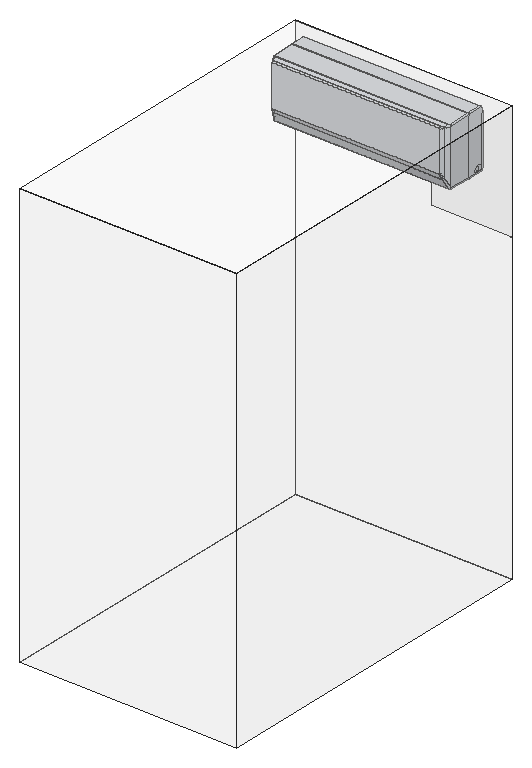
Revit family "pk-rp28_112laka18_60hz", category 機械設備, Revit 2019 (continued)
Definition of nested family "pk-rp80_112(la)ka17"
  Automatic sketch dimensions
    Extrusion 1 sketch curve to Extrusion 1 sketch curve = 4.57 mm
    Extrusion 1 sketch curve to Extrusion 1 sketch curve = 0.828 mm
    Extrusion 1 sketch curve to Extrusion 1 sketch curve = 2.282 mm
    Extrusion 1 sketch curve to Extrusion 1 sketch curve = 1.509 mm
    Extrusion 1 sketch curve to plane 10 "Fkidasi_Z" = 2.669 mm
    Extrusion 1 sketch curve to Extrusion 1 sketch curve = 3.53 mm
    Extrusion 1 sketch curve to Extrusion 1 sketch curve = 0.245 mm
    Extrusion 1 sketch curve to plane 10 "Fkidasi_Z" = 0.212 mm
    Extrusion 1 sketch curve to Extrusion 1 sketch curve = 11.126 mm
    Extrusion 1 sketch curve to Extrusion 1 sketch curve = 11.355 mm
    plane 10 "Fkidasi_Z" to Extrusion 1 sketch curve = 0.239 mm
    Extrusion 1 sketch curve to Extrusion 1 sketch curve = 0.886 mm
    Extrusion 1 sketch curve to Extrusion 1 sketch curve = 14.099 mm
    Extrusion 1 sketch curve to Extrusion 1 sketch curve = 0.981 mm  (x3)
    Extrusion 1 sketch curve to plane 2 = 91.302 mm
    plane 6 "UNDER" to Extrusion 1 sketch curve = 3.179 mm
    Extrusion 1 sketch curve to Extrusion 1 sketch curve = 2.631 mm
    Extrusion 1 sketch curve to Extrusion 1 sketch curve = 10.856 mm
    Extrusion 1 sketch curve to plane 10 "Fkidasi_Z" = 10.968 mm
    Extrusion 1 sketch curve to Extrusion 1 sketch curve = 1.969 mm
    Extrusion 1 sketch curve to plane 10 "Fkidasi_Z" = 1.653 mm
    Extrusion 1 sketch curve to plane 10 "Fkidasi_Z" = 0.674 mm
    Extrusion 1 sketch curve to Extrusion 1 sketch curve = 0.182 mm
    plane 10 "Fkidasi_Z" to Extrusion 1 sketch curve = 19.962 mm
    plane 10 "Fkidasi_Z" to Extrusion 1 sketch curve = 45.88 mm
    Extrusion 1 sketch curve to Extrusion 1 sketch curve = 9.288 mm
    Extrusion 1 sketch curve to Extrusion 1 sketch curve = 1.712 mm
    Extrusion 1 sketch curve to Extrusion 1 sketch curve = 2.453 mm
    Extrusion 1 sketch curve to Extrusion 1 sketch curve = 1.702 mm
    Extrusion 1 sketch curve to Extrusion 1 sketch curve = 0.58 mm
    Extrusion 1 sketch curve to Extrusion 1 sketch curve = 1.434 mm
    Extrusion 1 sketch curve to level = 23.558 mm
    Extrusion 1 sketch curve to Extrusion 1 sketch curve = 8.081 mm
    Extrusion 1 sketch curve to Extrusion 1 sketch curve = 4.288 mm
    Extrusion 1 sketch curve to Extrusion 1 sketch curve = 0.784 mm
    Extrusion 1 sketch curve to Extrusion 1 sketch curve = 0 mm
    Extrusion 1 sketch curve to Extrusion 1 sketch curve = 1.627 mm
    Extrusion 1 sketch curve to Extrusion 1 sketch curve = 0.002 mm
    Extrusion 1 sketch curve to level = 0 mm
    plane 19 to Extrusion 1 sketch curve = 6.097 mm
    Extrusion 1 sketch curve to Extrusion 1 sketch curve = 10.916 mm
    curve 15 to Extrusion 1 = 0 mm
    curve 17 to Extrusion 1 = 0 mm
    curve 20 to Extrusion 1 = 0 mm
    curve 13 to Extrusion 1 = 0 mm
    curve 10 to Extrusion 1 = 0 mm
    curve 8 to Extrusion 1 = 0 mm
    curve 15 to Extrusion 1 = 20 mm
    curve 15 to curve 16 = 8 mm
    curve 19 to Extrusion 1 = 1.466 mm
    curve 21 to Extrusion 1 = 3.034 mm
    curve 21 to curve 17 = 22.703 mm
    curve 14 to curve 9 = 24.618 mm
    curve 10 to curve 14 = 23.733 mm
    curve 10 to curve 12 = 34.286 mm
    curve 9 to Extrusion 1 = 28 mm
    curve 11 to curve 8 = 8 mm
    curve 19 to curve 21 = 11.583 mm
    curve 18 to curve 19 = 23.714 mm
    curve 19 to curve 16 = 19.672 mm
    curve 9 to Extrusion 1 = 35.752 mm
    curve 13 to curve 10 = 10 mm
    curve 13 to curve 11 = 79 mm
    plane 19 to Extrusion 1 sketch curve = 29.248 mm
    curve 6 to Extrusion 1 = 0 mm
    curve 2 to Extrusion 1 = 0 mm
    curve 1 to Extrusion 1 = 0 mm
    curve 2 to Extrusion 1 = 7.8 mm
    curve 1 to Extrusion 1 = 57 mm
    curve 4 to curve 7 = 0 mm
    curve 5 to curve 3 = 8 mm
    curve 3 to curve 7 = 50.624 mm
    curve 7 to curve 6 = 8.376 mm
    curve 7 to curve 3 = 7.895 mm
    curve 24 to Extrusion 1 = 1 mm
    curve 32 to Extrusion 1 = 1.705 mm
    curve 5 to curve 32 = 45 mm
    curve 4 to curve 24 = 48 mm
    curve 32 to Extrusion 1 = 1.664 mm
    curve 2 to Extrusion 1 = 57 mm
    curve 25 to Extrusion 1 = 0 mm
    curve 26 to Extrusion 1 = 0 mm
    curve 30 to Extrusion 1 = 0 mm
    Extrusion 1 to curve 25 = 57 mm
    Extrusion 1 to curve 26 = 7.8 mm
    Extrusion 1 to curve 26 = 57 mm
    curve 31 to curve 28 = 0 mm
    curve 28 to curve 27 = 8 mm
    curve 29 to curve 31 = 50.624 mm
    curve 31 to curve 30 = 8.376 mm
    curve 31 to curve 27 = 7.895 mm
    Extrusion 1 to curve 23 = 1 mm
    Extrusion 1 to curve 22 = 1.664 mm
    Extrusion 1 to curve 22 = 110 mm
    Extrusion 1 to curve 22 = 1.705 mm
    curve 28 to curve 23 = 48 mm
Types (9, lengths in mm): name | 風量_静 (m3/min) | 風量_強 (m3/min) | 風量_弱 (m3/min) | 風量_中 (m3/min) | 風量 | 音響パワーレベル（静）(dB) | 音響パワーレベル（弱）(dB) | 音響パワーレベル（中）(dB) | 音響パワーレベル(dB) | 電動機出力_送風機 | 質量 | 構成品番 | 壁掛_PK-RP80_112KA17 | 壁掛_PK-RP40_50LA | 冷媒液管位置-Z | 冷媒液管位置-Y | 冷媒液管位置-X | 冷媒ガス管位置-Z | 冷媒ガス管位置-Y | 冷媒ガス管位置-X | ドレン位置-Z | ドレン位置-Y | ドレン位置-X | URL | Space Top | Space Right_1 | Space Right | Space Left | MIN２風量 | MIN風量 | MID風量 | MAX風量 | 製品質量 | 消費電力_暖房 | 消費電力_冷房 | 消費電力 | 暖房能力 | 始動方式 | 周波数 | 冷房能力 | 冷媒管径符号 | 冷媒液管径 | 冷媒ガス管径 | Width | S_H | Height | Depth | 価格 | Clearance Top | Clearance Right | Clearance Left
  壁掛_PK-RP28LA2 | 6.3 | 8.7 | 7.3 | 8 | 522.0 m³/h | 45 | 48 | 50 | 52 | 0.03 kW | 15.00 kg | "PK-RP28LA" | no | yes | 280 | 23 | 711 | 268 | 23 | 642 | 274 | 37 | 660 | "https://www.mitsubishielectric.co.jp/ldg/wink/ssl/displayProduct.do?pid=323474" | 50 | 260 | 150 | 50 | 378.0 m³/h | 438.0 m³/h | 480.0 m³/h | 522.0 m³/h | 12.50 kg | 0.02 kW | 0.03 kW | 0.03 kW | 2.80 kW | "直入" | 60 Hz | 2.5 kW | "Ac" | 6.35 | 12.70 | 898 | 356 | 299 | 237 | 212000 | 50 | 150 | 50
  壁掛_PK-RP40LA2 | 6.8 | 10.7 | 8.2 | 9.4 | 642.0 m³/h | 47 | 51 | 54 | 57 | 0.03 kW | 15.00 kg | "PK-RP40LA" | no | yes | 280 | 35 | 711 | 268 | 35 | 642 | 245 | 35 | 660 | "https://www.mitsubishielectric.co.jp/ldg/wink/ssl/displayProduct.do?pid=323475" | 50 | 260 | 150 | 50 | 408.0 m³/h | 492.0 m³/h | 564.0 m³/h | 642.0 m³/h | 12.50 kg | 0.03 kW | 0.04 kW | 0.04 kW | 4.00 kW | "直入" | 60 Hz | 3.6 kW | "Ac" | 6.35 | 12.70 | 898 | 356 | 299 | 237 | 221000 | 50 | 150 | 50
  壁掛_PK-RP45LA2 | 6.8 | 10.7 | 8.2 | 9.4 | 642.0 m³/h | 48 | 51 | 54 | 57 | 0.03 kW | 15.00 kg | "PK-RP45LA" | no | yes | 280 | 35 | 711 | 268 | 35 | 642 | 245 | 35 | 660 | "https://www.mitsubishielectric.co.jp/ldg/wink/ssl/displayProduct.do?pid=323476" | 50 | 260 | 150 | 50 | 408.0 m³/h | 492.0 m³/h | 564.0 m³/h | 642.0 m³/h | 12.50 kg | 0.03 kW | 0.04 kW | 0.04 kW | 4.50 kW | "直?" | 60 Hz | 4 kW | "Ac" | 6.35 | 12.70 | 898 | 356 | 299 | 237 | 230000 | 50 | 150 | 50
  壁掛_PK-RP50LA2 | 6.8 | 10.7 | 8.2 | 9.4 | 642.0 m³/h | 48 | 51 | 54 | 57 | 0.03 kW | 15.00 kg | "PK-RP50LA" | no | yes | 280 | 35 | 711 | 268 | 35 | 642 | 245 | 35 | 660 | "https://www.mitsubishielectric.co.jp/ldg/wink/ssl/displayProduct.do?pid=323477" | 50 | 260 | 150 | 50 | 408.0 m³/h | 492.0 m³/h | 564.0 m³/h | 642.0 m³/h | 12.50 kg | 0.03 kW | 0.04 kW | 0.04 kW | 5.00 kW | "直?" | 60 Hz | 4.5 kW | "Ac" | 6.35 | 12.70 | 898 | 356 | 299 | 237 | 271000 | 50 | 150 | 50
  壁掛_PK-RP56LA2 | 7.3 | 13.6 | 9.4 | 11.6 | 816.0 m³/h | 49 | 54 | 59 | 63 | 0.03 kW | 15.00 kg | "PK-RP56LA" | no | yes | 280 | 35 | 711 | 268 | 35 | 642 | 245 | 35 | 660 | "https://www.mitsubishielectric.co.jp/ldg/wink/ssl/displayProduct.do?pid=323479" | 50 | 260 | 150 | 50 | 438.0 m³/h | 564.0 m³/h | 696.0 m³/h | 816.0 m³/h | 12.50 kg | 0.05 kW | 0.06 kW | 0.06 kW | 5.60 kW | "直?" | 50 Hz | 5 kW | "Ac" | 6.35 | 12.70 | 898 | 356 | 299 | 237 | 283000 | 50 | 150 | 50
  壁掛_PK-RP63KA18 | 0 | 19 | 16.5 | 17.8 | 1140.0 m³/h | 0 | 53 | 55 | 56 | 0.057 kW | 24.00 kg | "PK-RP63KA" | yes | no | 312 | 30 | 636 | 333 | 25 | 567 | 347 | 61 | 719 | "https://www.mitsubishielectric.co.jp/ldg/wink/ssl/displayProduct.do?pid=323480" | 48 | 220 | 100.5 | 52.3 | 0.0 m³/h | 990.0 m³/h | 1068.0 m³/h | 1140.0 m³/h | 20.00 kg | 0.06 kW | 0.06 kW | 0.06 kW | 6.30 kW | "直?" | 60 Hz | 5.6 kW | "Ac" | 6.35 | 12.70 | 1170 | 420 | 365 | 295 | 284000 | 48 | 100.5 | 52.3
  壁掛_PK-RP71KA18 | 0 | 19 | 16.5 | 17.8 | 1140.0 m³/h | 0 | 53 | 55 | 56 | 0.057 kW | 25.20 kg | "PK-RP71KA" | yes | no | 312 | 30 | 636 | 333 | 25 | 567 | 347 | 61 | 719 | "https://www.mitsubishielectric.co.jp/ldg/wink/ssl/displayProduct.do?pid=323481" | 48 | 220 | 100.5 | 52.3 | 0.0 m³/h | 990.0 m³/h | 1068.0 m³/h | 1140.0 m³/h | 21.00 kg | 0.06 kW | 0.06 kW | 0.06 kW | 7.00 kW | "直?" | 60 Hz | 6.3 kW | "Bd" | 9.52 | 15.88 | 1170 | 420 | 365 | 295 | 285000 | 48 | 100.5 | 52.3
  壁掛_PK-RP80KA18 | 0 | 23 | 17 | 20 | 1380.0 m³/h | 0 | 53 | 57 | 61 | 0.057 kW | 25.20 kg | "PK-RP80KA" | yes | no | 312 | 30 | 636 | 333 | 25 | 567 | 347 | 61 | 719 | "https://www.mitsubishielectric.co.jp/ldg/wink/ssl/displayProduct.do?pid=323482" | 48 | 220 | 100.5 | 52.3 | 0.0 m³/h | 1020.0 m³/h | 1200.0 m³/h | 1380.0 m³/h | 21.00 kg | 0.07 kW | 0.07 kW | 0.07 kW | 8.00 kW | "直?" | 60 Hz | 7.1 kW | "Bd" | 9.52 | 15.88 | 1170 | 420 | 365 | 295 | 294000 | 48 | 100.5 | 52.3
  壁掛_PK-RP112KA18 | 0 | 25 | 17 | 21 | 1500.0 m³/h | 0 | 56 | 61 | 66 | 0.057 kW | 25.20 kg | "PK-RP112KA" | yes | no | 312 | 30 | 636 | 333 | 25 | 567 | 347 | 61 | 719 | "https://www.mitsubishielectric.co.jp/ldg/wink/ssl/displayProduct.do?pid=323483" | 48 | 220 | 100.5 | 52.3 | 0.0 m³/h | 1020.0 m³/h | 1260.0 m³/h | 1500.0 m³/h | 21.00 kg | 0.07 kW | 0.07 kW | 0.07 kW | 11.20 kW | "直?" | 60 Hz | 10 kW | "Bd" | 9.52 | 15.88 | 1170 | 420 | 365 | 295 | 302000 | 48 | 100.5 | 52.3
